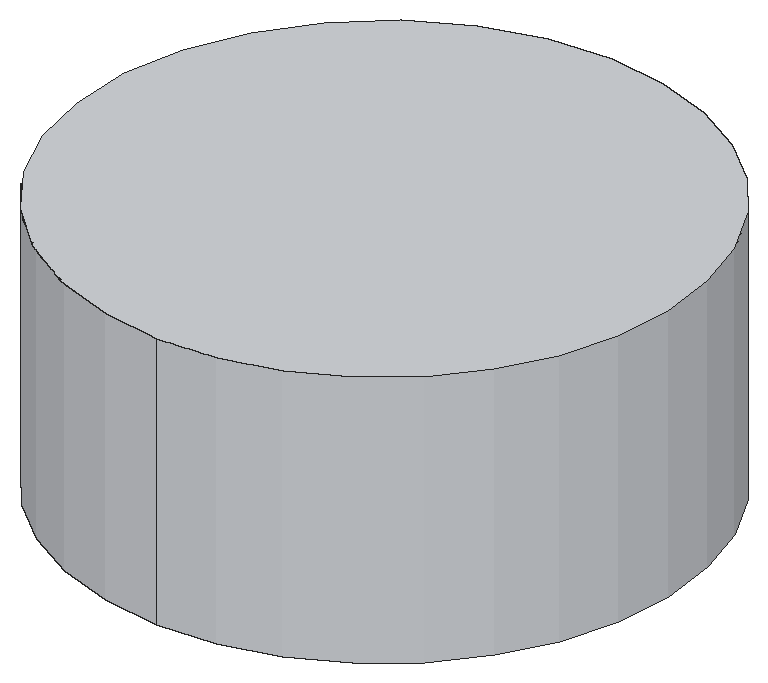
Revit family "Lum_Teto_Circular", category Lighting Fixtures, host Ceiling, Revit 2025
Family settings
  Host = Ceiling
  Round Connector Dimension = Use Diameter
  Part Type = Normal
  OmniClass Number = 23.80.70.11
  OmniClass Title = Luminaries for Internal Lighting
  Always vertical = Yes
  Cut with Voids When Loaded = No
  Light Source = Yes
  Maintain Annotation Orientation = No
  Shared = No
  Room Calculation Point = Yes
Parameters (values of type "LUMI_C")
  Wattage = 16.1571 W
  built-in parameter 1150110 = 1 (stored number, unit not read)
  built-in parameter 1114217 = 1 (stored number, unit not read)
  built-in parameter 1150109 = 1 (stored number, unit not read)
  built-in parameter 1150134 = (empty or 0)
  built-in parameter 1150113 = 1 (stored number, unit not read)
  R = 0.100 m
  Lumens = 2400 lm
  built-in parameter 1150115 = 1 (stored number, unit not read)
  built-in parameter 1150105 = 763.94 (stored number, unit not read)
  Light Source Symbol Size = 0.100 m
  built-in parameter 1150137 = (empty or 0)
  built-in parameter 1150139 = (empty or 0)
  built-in parameter 1150112 = 1 (stored number, unit not read)
  built-in parameter 1150114 = 1 (stored number, unit not read)
  L = 0.160 m
  built-in parameter 1150132 = 2
  built-in parameter 1150102 = (empty or 0)
  built-in parameter 1150138 = (empty or 0)
  built-in parameter 1150107 = 3000 (stored number, unit not read)
  built-in parameter 1150106 = 7.6394 (stored number, unit not read)
  built-in parameter 1150104 = 13.8 (stored number, unit not read)
  Dimming Lamp Color Temperature Shift = <None>
  Diffuser = Opal Diffuser
  Default Elevation = 0.000 m
  Color Filter = 16777215
  C = 1.250 m
  Body = Aluminum Housing
  built-in parameter 1114218 = 1 (stored number, unit not read)
  built-in parameter 1150133 = 10 (stored number, unit not read)
  A = 0.090 m
Reference planes (m)
  plane 1 "Light Source Axis (F/B)": y = 0
  plane 2 "Ceiling": z = 2.4384
  plane 3 "Light Source Axis (L/R)": x = 0
  plane 4 "Light Source Elevation": z = 2.3484
Forms (m)
  Extrusion 1, solid
    sketch origin (0, 0, 2.3484) x (0, -1, 0) y (1, 0, 0)
      loop
        circle (0, 0) r 0.1
    from 0 to 0.09
Dimensions and locks (m)
  equal spacing: host sketch curve, plane 3 "Light Source Axis (L/R)", host sketch curve
  equal spacing: host sketch curve, plane 1 "Light Source Axis (F/B)", host sketch curve
  host sketch curve to host sketch curve = 3.048 m  (x2)
  "A": plane 2 "Ceiling" to plane 4 "Light Source Elevation"
  "R": radius of Extrusion 1
  aligned and locked: imposter light to plane 3 "Light Source Axis (L/R)"
  aligned and locked: plane 1 "Light Source Axis (F/B)" to imposter light
  aligned and locked: plane 4 "Light Source Elevation" to imposter light
  aligned and locked: plane 2 "Ceiling" to Extrusion 1
  aligned and locked: plane 4 "Light Source Elevation" to Extrusion 1
Automatic sketch dimensions
  plane 1 "Light Source Axis (F/B)" to Extrusion 1 sketch curve = 0.000 m
  Extrusion 1 sketch curve to plane 3 "Light Source Axis (L/R)" = 0.000 m
  radius of Extrusion 1 sketch curve = 0.100 m
